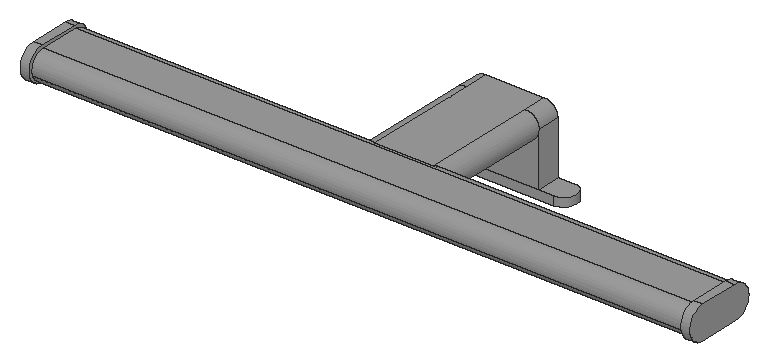
Revit family "0043213 Sylvania Lighting Fixture SYLMIRROR LED SLIM IP44 NW Horizontal mount", category Lighting Fixtures, host Face, Revit 2016
Family settings
  Host = Face
  Part Type = Normal
  Round Connector Dimension = Use Diameter
  OmniClass Number = 23.80.70.00
  OmniClass Title = Lighting
  Cut with Voids When Loaded = No
  Light Source = No
  Shared = No
  Room Calculation Point = No
Parameters (values of type "0043213 SYLMIRROR LED SLIM IP44 NW Horizontal mount")
  Weight = "1.236 kg"
  Wattage Comments = ""
  WarrantyStartDate [instance] = "n/a"
  WarrantyGuarantorParts = "n/a"
  WarrantyDurationUnit = "n/a"
  WarrantyDurationParts = "n/a"
  WarrantyDescription = "n/a"
  Voltage = 230 V
  URL = "http://www.sylvania-lighting.com"
  TypeName = "SYLMIRROR LED SLIM IP44 NW Horizontal mount"
  TypeLamp_SYÉ = SylMirror LED Slim : 0043241 SylMirror LED Slim
  Type Image = <None>
  Type Comments = "n/a"
  SerialNumber [instance] = "n/a"
  Material_3_FEILO = none
  PowerFactor = 0
  PowerConsumption = "8 W"
  NominalLength = 400 mm
  NominalHeight = 46.8 mm
  NominalDepth = 119.7 mm
  Name = "SYLMIRROR LED SLIM IP44 NW Horizontal mount"
  ModelReference = Name  # "SYLMIRROR LED SLIM IP44 NW Horizontal mount"
  ModelNumber = "0043213"
  Model = Name  # "SYLMIRROR LED SLIM IP44 NW Horizontal mount"
  Material = "aluminum housing, pc diffuser"
  ManufacturerName = "Feilo Sylvania"
  Manufacturer = "Feilo Sylvania"
  LuminousEfficacy = "70 lm/W"
  LuminaireType = ""
  LightOutputRatio = "100"
  LampsType = Lamp  # "LED"
  LampNominalLuminous = "560 lm"
  LampMacAdamStep = "6"
  LampColourTemperature = "4000 K"
  LampColourRenderingIndex = "80"
  Lamp = "LED"
  Keynote = "16500"
  InstallationDate [instance] = "n/a"
  InputVoltage = "220-240V~"
  InputNominalFrequency = "50/60 Hz"
  IngressProtection = "IP44"
  ImpactProtectionIndex = "IK03"
  IfcExportType = "IfcLightFixtureType"
  IfcExportAs = "IfcLightFixtureType"
  ExpectedLife = 50000
  ElectricShockClassification = "Class II"
  DurationUnit = "hours"
  DocumentationLiterature = "http://www.sylvania-lighting.com/product/en-int/products/0043213"
  DimmingControlOptions = "n/a"
  Material_2_FEILO = Diffuser-Sylvania-SylMirror
  Description = ""
  Default Elevation = 1219.2 mm
  CreatedOn = "7/17/2018"
  CreatedBy = "@sylvania-lighting.com"
  Cost = 0
  built-in parameter 1114216 [instance] = (empty or 0)
  ClassificationValue = "EF_70_80"
  ClassificationName = "Uniclass2015"
  Material_1_FEILO = Body-Sylvania-SylMirror
  BarCode [instance] = "n/a"
  AssetType = "Fixed"
  AssetIdentifier [instance] = "n/a"
  Assembly Code = "D5020200"
  Apparent Load = 8 VA
  Material_4_FEILO = none
Reference planes
  plane 1 "Center (Front/Back)": y = 0
  plane 2: z = 0
  plane 3 "Center (Left/Right)": x = 0
  plane 4: x = 200
  plane 5: x = -200
  plane 6: y = 7.5
  plane 7: y = -7.5
  plane 8: x = 42.5
  plane 9: x = -42.5
  plane 10: z = 45
  plane 11: z = 5
  plane 12: x = -25.5
  plane 13: x = 25.5
  plane 14: y = 7
  plane 15: y = -7
  plane 16: y = -112.2
  plane 17: z = 29
  plane 18: z = 46.8
  plane 19: z = 27.2
  plane 20: x = -35
  plane 21: x = 35
  plane 22: x = -17.5
  plane 23: x = 17.5
  plane 24: y = -68.6
  plane 25: x = 194.5
  plane 26: x = -194.5
  plane 27: z = 37
  plane 28: y = -90.4
  plane 29: z = 45.5
  plane 30: z = 28.5
  plane 31: y = -110.9
  plane 32: y = -69.9
  plane 33: y = -102.4
  plane 34: y = -78.4
  plane 35: z = 34
Forms (mm)
  Extrusion 1, solid, material "Body-Sylvania-SylMirror" <- "Material_1_FEILO"
    sketch origin (0, 0, 0) x (1, 0, 0) y (0, 1, 0)
      loop
        arc (-35, 7.5) -> (-42.5, 0) -> (-35, -7.5) r 7.5
        line (-35, -7.5) -> (35, -7.5)
        arc (35, -7.5) -> (42.5, 0) -> (35, 7.5) r 7.5
        line (35, 7.5) -> (-35, 7.5)
    from 0 to 5
Dimensions and locks
  locked: plane 10 to plane 2 at 45
  locked: plane 16 to plane 6 at 119.7
  locked: plane 11 to plane 2 at 5
  plane 15 to plane 1 "Center (Front/Back)" to plane 14 = 7 mm locked, 7 mm locked
  plane 7 to plane 1 "Center (Front/Back)" to plane 6 = 7.5 mm locked, 7.5 mm locked
  plane 5 to plane 3 "Center (Left/Right)" to plane 4 = 200 mm locked, 200 mm locked
  plane 12 to plane 3 "Center (Left/Right)" to plane 13 = 25.5 mm locked, 25.5 mm locked
  plane 9 to plane 3 "Center (Left/Right)" to plane 8 = 42.5 mm locked, 42.5 mm locked
  locked: plane 9 to plane 20 at 7.5
  locked: plane 21 to plane 8 at 7.5
  locked: plane 22 to plane 12 at 8
  locked: plane 13 to plane 23 at 8
  locked: plane 16 to plane 24 at 43.6
  locked: plane 5 to plane 26 at 5.5
  locked: plane 25 to plane 4 at 5.5
  locked: plane 27 to plane 10 at 8
  equal spacing: plane 17, plane 27, plane 10
  equal spacing: plane 19, plane 27, plane 18
  plane 19 to plane 18 = 19.6 mm
  locked: plane 16 to plane 28 at 21.8
  equal spacing: plane 30, plane 27, plane 29
  locked: plane 30 to plane 29 at 17
  equal spacing: plane 31, plane 28, plane 32
  locked: plane 16 to plane 31 at 1.3
  locked: plane 31 to plane 33 at 8.5
  locked: plane 34 to plane 32 at 8.5
  locked: plane 35 to plane 27 at 3
  aligned and locked: plane 2 to host face
  aligned and locked: level to host face
  aligned and locked: plane 20 to Extrusion 1 sketch curve  (x2)
  aligned and locked: plane 21 to Extrusion 1 sketch curve  (x2)
  aligned and locked: plane 7 to Extrusion 1 sketch curve  (x2)
  aligned and locked: plane 1 "Center (Front/Back)" to Extrusion 1 sketch curve
  aligned and locked: plane 6 to Extrusion 1 sketch curve
  aligned and locked: Extrusion 1 to plane 11
  aligned and locked: Extrusion 1 to level
  aligned and locked: plane 3 "Center (Left/Right)" to nested 1
  aligned and locked: plane 1 "Center (Front/Back)" to nested 1
Automatic sketch dimensions
  host sketch curve to host sketch curve = 2438.4 mm  (x2)
Nested families
  nested 1: "SylMirror LED Slim" at (0, 0, 0), type <- "TypeLamp_SYÉ", type "0043241 SylMirror LED Slim"
    with built-in parameter 1114216 (empty or 0)
Connectors
  electrical at (0, 0, 0), driven by "Apparent Load", driven by "PowerFactor", driven by "Voltage"
    settings: index 1, voltage 230 V, apparent load 8 VA, apparent load phase1 0 VA, apparent load phase2 0 VA, apparent load phase3 0 VA, power factor 0, load classification "Lighting", number of poles 1, system type 30, power factor state 1, is connector primary yes, connector utility no, sub classification motor no, connector description ""
Definition of nested family "SylMirror LED Slim"
  Parameters (values of type "0043213 SylMirror LED Slim")
    Wattage Comments = ""
    Wattage = 8 W
    built-in parameter 1150110 = 1 (stored number, unit not read)
    URL = "http://www.feilosylvania.com"
    Type Image = (empty or 0)
    Type Comments = "n/a"
    built-in parameter 1114217 = 1 (stored number, unit not read)
    Tilt Angle = -90.00°
    built-in parameter 1150109 = 1 (stored number, unit not read)
    built-in parameter 1150134 = 12
    built-in parameter 1150113 = 1 (stored number, unit not read)
    Photometric Web File = "0043213.IES"
    built-in parameter 1150142 = "﻿IESNA:LM-63-1995\r\n[TEST] 196188\r\n[DATE] 2017/9/27\r\n[MANUFAC] Feilo Sylvania\r\n[LUMCAT] W400C40-7 8W 4000K\r\n[LUMINAIRE] \r\n[LAMPCAT] \r\n[LAMP] \r\nTILT=NONE\r\n1 -1 1.0 37 13 1 2 0.033 0.390 0.010\r\n1 1 7.903\r\n0.0 5.0 10.0 15.0 20.0 25.0 30.0 35.0 40.0 45.0 50.0 55.0 60.0 65.0 70.0 75.0 80.0 85.0 90.0 95.0 100.0 105.0 110.0 115.0 120.0 125.0 130.0 135.0 140.0 145.0 150.0 155.0 160.0 165.0 170.0 175.0 180.0\r\n0.0 15.0 30.0 45.0 60.0 75.0 90.0 105.0 120.0 135.0 150.0 165.0 180.0 \r\n220.750 219.409 215.685 208.535 200.939 189.022 177.404 164.147 148.805 135.995 121.695 106.502 91.756 77.754 58.986 47.218 33.217 22.641 16.236 0.000 10.129 2.681 4.915 4.022 3.128 2.830 1.341 1.490 0.894 0.894 0.000 0.894 0.894 0.149 0.000 0.000 1.787\r\n214.642 212.557 209.131 201.832 196.023 185.447 175.319 163.551 148.805 134.952 119.163 105.459 91.309 76.711 59.284 46.623 33.068 22.045 14.597 0.149 6.405 2.681 4.767 3.575 3.426 1.936 0.894 1.787 0.298 0.745 0.000 0.149 0.149 0.149 0.298 1.043 1.043\r\n217.026 215.685 212.110 205.556 197.960 187.980 175.021 162.806 148.060 135.548 119.163 104.863 89.223 75.222 57.198 41.707 30.536 18.172 11.618 1.043 2.830 2.979 4.171 3.128 1.490 2.085 0.447 0.149 0.149 1.341 0.894 0.000 1.192 0.149 0.000 0.149 0.298\r\n218.664 216.430 212.259 206.897 198.406 187.831 176.212 162.062 149.252 133.909 118.269 102.331 88.032 72.243 56.453 39.622 25.918 15.491 7.895 2.234 2.681 1.638 2.532 1.341 1.192 0.745 0.000 0.298 0.298 0.298 0.000 0.447 1.341 0.000 0.000 0.000 0.298\r\n218.068 216.281 212.259 204.067 197.662 188.278 175.914 162.062 146.422 133.612 118.269 101.438 84.755 69.412 53.474 38.132 22.194 12.214 4.915 0.149 1.341 0.596 0.447 1.490 1.192 0.894 0.894 0.447 0.000 0.745 0.000 0.596 0.000 0.596 0.000 1.043 0.745\r\n215.089 215.089 209.578 204.514 195.576 187.384 174.872 162.806 146.719 129.739 115.737 99.352 82.520 67.774 51.836 35.153 19.811 7.895 1.043 0.000 1.341 1.192 0.000 0.000 0.000 1.341 0.000 0.745 0.745 0.000 0.000 0.447 1.341 0.000 0.000 0.000 0.447\r\n213.600 212.706 210.919 201.683 194.832 185.001 172.191 159.381 144.485 131.377 115.886 100.991 83.414 66.433 50.644 35.153 16.385 4.171 1.192 0.000 0.298 0.000 0.000 0.000 0.000 0.000 0.596 0.000 0.000 0.000 0.596 0.000 0.000 0.000 0.000 0.298 0.596\r\n215.089 215.089 209.578 204.514 195.576 187.384 174.872 162.806 146.719 129.739 115.737 99.352 82.520 67.774 51.836 35.153 19.811 7.895 1.043 0.000 1.341 1.192 0.000 0.000 0.000 1.341 0.000 0.745 0.745 0.000 0.000 0.447 1.341 0.000 0.000 0.000 0.447\r\n218.068 216.281 212.259 204.067 197.662 188.278 175.914 162.062 146.422 133.612 118.269 101.438 84.755 69.412 53.474 38.132 22.194 12.214 4.915 0.149 1.341 0.596 0.447 1.490 1.192 0.894 0.894 0.447 0.000 0.745 0.000 0.596 0.000 0.596 0.000 1.043 0.745\r\n218.664 216.430 212.259 206.897 198.406 187.831 176.212 162.062 149.252 133.909 118.269 102.331 88.032 72.243 56.453 39.622 25.918 15.491 7.895 2.234 2.681 1.638 2.532 1.341 1.192 0.745 0.000 0.298 0.298 0.298 0.000 0.447 1.341 0.000 0.000 0.000 0.298\r\n217.026 215.685 212.110 205.556 197.960 187.980 175.021 162.806 148.060 135.548 119.163 104.863 89.223 75.222 57.198 41.707 30.536 18.172 11.618 1.043 2.830 2.979 4.171 3.128 1.490 2.085 0.447 0.149 0.149 1.341 0.894 0.000 1.192 0.149 0.000 0.149 0.298\r\n214.642 212.557 209.131 201.832 196.023 185.447 175.319 163.551 148.805 134.952 119.163 105.459 91.309 76.711 59.284 46.623 33.068 22.045 14.597 0.149 6.405 2.681 4.767 3.575 3.426 1.936 0.894 1.787 0.298 0.745 0.000 0.149 0.149 0.149 0.298 1.043 1.043\r\n220.750 219.409 215.685 208.535 200.939 189.022 177.404 164.147 148.805 135.995 121.695 106.502 91.756 77.754 58.986 47.218 33.217 22.641 16.236 0.000 10.129 2.681 4.915 4.022 3.128 2.830 1.341 1.490 0.894 0.894 0.000 0.894 0.894 0.149 0.000 0.000 1.787\r\n"
    Material_3_SYL = none
    Model = ""
    Manufacturer = "Feilo Sylvania"
    built-in parameter 1150105 = 44.563 (stored number, unit not read)
    Lumens = 560 lm
    built-in parameter 1150115 = 1 (stored number, unit not read)
    built-in parameter 1150137 = (empty or 0)
    built-in parameter 1150139 = (empty or 0)
    built-in parameter 1150112 = 1 (stored number, unit not read)
    built-in parameter 1150114 = 1 (stored number, unit not read)
    Lamp = ""
    Keynote = "16500"
    built-in parameter 1150132 = (empty or 0)
    built-in parameter 1150102 = (empty or 0)
    built-in parameter 1150107 = 4000 (stored number, unit not read)
    built-in parameter 1150138 = (empty or 0)
    built-in parameter 1150106 = 0.44563 (stored number, unit not read)
    Emit from Rectangle Width = 41 mm
    Emit from Rectangle Length = 388 mm
    Emit Shape Visible in Rendering = no
    built-in parameter 1150104 = 6.5032 (stored number, unit not read)
    Material_2_SYL = none
    Dimming Lamp Color Temperature Shift = (empty or 0)
    Description = ""
    Default Elevation = 1219.2 mm
    Cost = 0
    Color Filter = 16777215
    built-in parameter 1114216 [instance] = (empty or 0)
    ClassificationValue_old = "EF_70_80"
    ClassificationName_old = "Uniclass2015"
    Material_1_SYL = none
    built-in parameter 1114218 = 1 (stored number, unit not read)
    built-in parameter 1150133 = 10 (stored number, unit not read)
    Assembly Code = "D5020200"
    Apparent Load = 0 VA
    Material_4_SYL = none
  Types (2, lengths in mm): name | built-in parameter 1150134 | Photometric Web File | built-in parameter 1150107 | Emit from Rectangle Width | Emit from Rectangle Length
    0043213 SylMirror LED Slim | 12 | "0043213.IES" | 4000 (stored number, unit not read) | 41 | 388
    0043241 SylMirror LED Slim | (empty or 0) | "0043241.IES" | 3000 (stored number, unit not read) | 40 | 389
  Reference planes
    plane 1 "Center (Front/Back)": y = 0
    plane 2: z = 0
    plane 3 "Center (Left/Right)": x = 0
    plane 4: x = 200
    plane 5: x = -200
    plane 6: y = 7.5
    plane 7: y = -7.5
    plane 8: x = 42.5
    plane 9: x = -42.5
    plane 10: z = 45
    plane 11: z = 5
    plane 12: x = -25.5
    plane 13: x = 25.5
    plane 14: y = 7
    plane 15: y = -7
    plane 16: y = -112.2
    plane 17: z = 29
    plane 18: z = 46.8
    plane 19: z = 27.2
    plane 20: x = -35
    plane 21: x = 35
    plane 22: x = -17.5
    plane 23: x = 17.5
    plane 24: y = -68.6
    plane 25: x = 194.5
    plane 26: x = -194.5
    plane 27: z = 37
    plane 28: y = -90.4
    plane 29: z = 45.5
    plane 30: z = 28.5
    plane 31: y = -110.9
    plane 32: y = -69.9
    plane 33: y = -102.4
    plane 34: y = -78.4
    plane 35: z = 34
  Forms (mm)
    Extrusion 1, solid
      sketch origin (4.2, 0, 0) x (1, 0, 0) y (0, 1, 0)
        loop
          line (-1219.2, 1219.2) -> (-1219.2, -1219.2) -> (1219.2, -1219.2) -> (1219.2, 1219.2) -> (-1219.2, 1219.2)
      from 0 to -68.017
    Extrusion 2, solid, material <- "Material_1_SYL"
      sketch origin (0, 0, 0) x (1, 0, 0) y (0, 0, 1)
        loop
          line (-25.5, 5) -> (25.5, 5) -> (25.5, 37)
          arc (25.5, 37) -> (23.157, 42.657) -> (17.5, 45) r 8
          line (17.5, 45) -> (-17.5, 45)
          arc (-17.5, 45) -> (-23.157, 42.657) -> (-25.5, 37) r 8
          line (-25.5, 37) -> (-25.5, 5)
      from -7 to 7
    Extrusion 3, solid, material <- "Material_1_SYL"
      sketch origin (1524, -7, 1219.2) x (1, 0, 0) y (0, 0, 1)
        loop
          arc (-1541.5, -1174.2) -> (-1549.5, -1182.2) -> (-1541.5, -1190.2) r 8
          line (-1541.5, -1190.2) -> (-1506.5, -1190.2)
          arc (-1506.5, -1190.2) -> (-1498.5, -1182.2) -> (-1506.5, -1174.2) r 8
          line (-1506.5, -1174.2) -> (-1541.5, -1174.2)
      from 0 to 83.4
    Extrusion 4, solid, material <- "Material_1_SYL"
      sketch origin (0, 0, 0) x (0, 1, 0) y (0, 0, 1)
        loop
          arc (-102.4, 45.5) -> (-109.391, 41.835) -> (-110.353, 34) r 8.5
          line (-110.353, 34) -> (-70.447, 34)
          arc (-70.447, 34) -> (-71.409, 41.835) -> (-78.4, 45.5) r 8.5
          line (-78.4, 45.5) -> (-102.4, 45.5)
      from -194.5 to 194.5
    Extrusion 5, solid, material <- "Material_1_SYL"
      sketch origin (-200, 1524, 1219.2) x (0, 1, 0) y (0, 0, 1)
        loop
          line (-1626.4, -1192) -> (-1602.4, -1192)
          arc (-1602.4, -1192) -> (-1592.6, -1182.2) -> (-1602.4, -1172.4) r 9.8
          line (-1602.4, -1172.4) -> (-1626.4, -1172.4)
          arc (-1626.4, -1172.4) -> (-1636.2, -1182.2) -> (-1626.4, -1192) r 9.8
      from 0 to 5.5
    Extrusion 6, solid, material <- "Material_1_SYL"
      sketch origin (200, 1524, 1219.2) x (0, 1, 0) y (0, 0, 1)
        loop
          line (-1602.4, -1172.4) -> (-1626.4, -1172.4)
          arc (-1626.4, -1172.4) -> (-1636.2, -1182.2) -> (-1626.4, -1192) r 9.8
          line (-1626.4, -1192) -> (-1602.4, -1192)
          arc (-1602.4, -1192) -> (-1592.6, -1182.2) -> (-1602.4, -1172.4) r 9.8
      from 0 to -5.5
    Extrusion 7, solid, material <- "Material_2_SYL"
      sketch origin (0, 0, 0) x (0, 1, 0) y (0, 0, 1)
        loop
          line (-102.4, 28.5) -> (-78.4, 28.5)
          arc (-78.4, 28.5) -> (-73.565, 30.009) -> (-70.447, 34) r 8.5
          line (-70.447, 34) -> (-110.353, 34)
          arc (-110.353, 34) -> (-107.235, 30.009) -> (-102.4, 28.5) r 8.5
      from -194.5 to 194.5
  Cuts and joins
    joined: Extrusion 2, Extrusion 3, Extrusion 4
  Dimensions and locks
    locked: plane 10 to plane 2 at 45
    locked: plane 16 to plane 6 at 119.7
    locked: plane 11 to plane 2 at 5
    plane 15 to plane 1 "Center (Front/Back)" to plane 14 = 7 mm locked, 7 mm locked
    plane 7 to plane 1 "Center (Front/Back)" to plane 6 = 7.5 mm locked, 7.5 mm locked
    plane 5 to plane 3 "Center (Left/Right)" to plane 4 = 200 mm locked, 200 mm locked
    plane 12 to plane 3 "Center (Left/Right)" to plane 13 = 25.5 mm locked, 25.5 mm locked
    plane 9 to plane 3 "Center (Left/Right)" to plane 8 = 42.5 mm locked, 42.5 mm locked
    locked: plane 9 to plane 20 at 7.5
    locked: plane 21 to plane 8 at 7.5
    locked: plane 22 to plane 12 at 8
    locked: plane 13 to plane 23 at 8
    locked: plane 16 to plane 24 at 43.6
    locked: plane 5 to plane 26 at 5.5
    locked: plane 25 to plane 4 at 5.5
    locked: plane 27 to plane 10 at 8
    equal spacing: plane 17, plane 27, plane 10
    equal spacing: plane 19, plane 27, plane 18
    plane 19 to plane 18 = 19.6 mm
    locked: plane 16 to plane 28 at 21.8
    equal spacing: plane 30, plane 27, plane 29
    locked: plane 30 to plane 29 at 17
    equal spacing: plane 31, plane 28, plane 32
    locked: plane 16 to plane 31 at 1.3
    locked: plane 31 to plane 33 at 8.5
    locked: plane 34 to plane 32 at 8.5
    locked: plane 35 to plane 27 at 3
    aligned and locked: plane 2 to Extrusion 1
    aligned and locked: level to Extrusion 1
    aligned and locked: plane 12 to Extrusion 2 sketch curve
    aligned and locked: Extrusion 2 sketch curve to plane 13
    aligned and locked: plane 10 to Extrusion 2 sketch curve  (x2)
    aligned and locked: plane 11 to Extrusion 2 sketch curve
    aligned and locked: plane 15 to Extrusion 2
    aligned and locked: Extrusion 2 to plane 14
    aligned and locked: Extrusion 2 to Extrusion 3 sketch curve
    aligned and locked: plane 17 to Extrusion 3 sketch curve  (x2)
    aligned and locked: Extrusion 3 sketch curve to Extrusion 2
    aligned and locked: Extrusion 3 to plane 15
    aligned and locked: plane 28 to Extrusion 3
    aligned and locked: plane 33 to Extrusion 4 sketch curve
    aligned and locked: plane 34 to Extrusion 4 sketch curve
    aligned and locked: plane 27 to Extrusion 4 sketch curve  (x2)
    aligned and locked: plane 25 to Extrusion 4
    aligned and locked: Extrusion 4 to plane 26
    aligned and locked: plane 33 to Extrusion 5 sketch curve  (x2)
    aligned and locked: plane 34 to Extrusion 5 sketch curve  (x2)
    aligned and locked: plane 27 to Extrusion 5 sketch curve  (x2)
    aligned and locked: plane 18 to Extrusion 5 sketch curve
    aligned and locked: Extrusion 5 sketch curve to plane 19
    aligned and locked: plane 26 to Extrusion 5
    aligned and locked: Extrusion 5 to plane 5
    aligned and locked: Extrusion 6 sketch curve to Extrusion 5  (x2)
    aligned and locked: Extrusion 6 to plane 25
    aligned and locked: plane 4 to Extrusion 6
    aligned and locked: Extrusion 4 sketch curve to plane 35
    aligned and locked: plane 30 to Extrusion 7 sketch curve
    aligned and locked: cut or joined group of Extrusion 2, Extrusion 3, Extrusion 4 to Extrusion 7 sketch curve
    aligned and locked: Extrusion 7 sketch curve to cut or joined group of Extrusion 2, Extrusion 3, Extrusion 4
    aligned and locked: plane 33 to Extrusion 7 sketch curve
    aligned and locked: plane 27 to Extrusion 7 sketch curve  (x2)
    aligned and locked: plane 34 to Extrusion 7 sketch curve
    aligned and locked: plane 25 to Extrusion 7
    aligned and locked: Extrusion 7 to plane 26
    aligned and locked: plane 3 "Center (Left/Right)" to imposter light
    aligned and locked: plane 30 to imposter light
    aligned and locked: plane 28 to imposter light
  Automatic sketch dimensions
    Extrusion 1 sketch curve to Extrusion 1 sketch curve = 2438.4 mm  (x2)
    Extrusion 2 sketch curve to plane 22 = 0 mm
    Extrusion 2 sketch curve to plane 23 = 0 mm
    Extrusion 3 sketch curve to plane 22 = 0 mm
    Extrusion 3 sketch curve to plane 23 = 0 mm
    plane 29 to Extrusion 4 sketch curve = 0 mm
